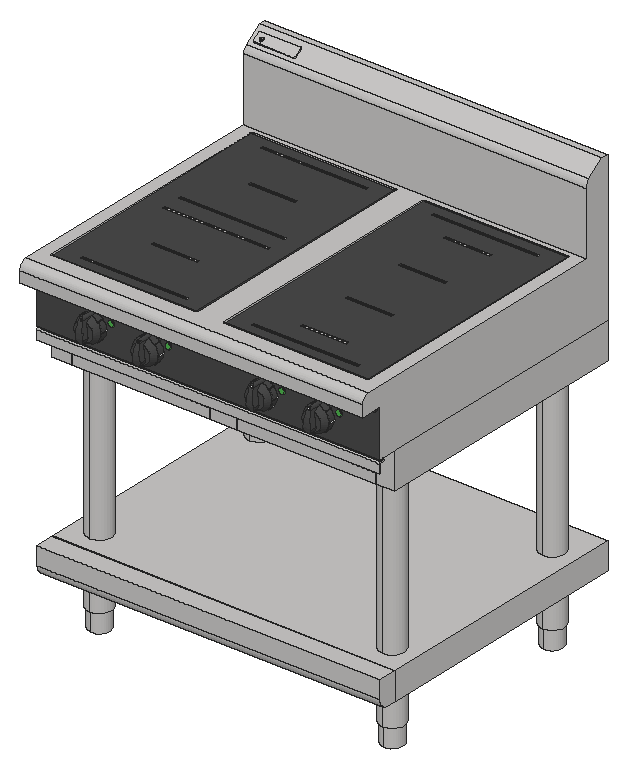
Revit family "QF_Moffat_INB8400R3F-LS_Induction_Cooktop_cat", category Specialty Equipment, Revit 2019
Family settings
  Round Connector Dimension = Use Diameter
  Part Type = Normal
  Work Plane-Based = No
  Always vertical = Yes
  Cut with Voids When Loaded = No
  Shared = No
  Room Calculation Point = No
Parameters (values of type "INB8400R3F-LS_415/60/3")
  Weight in Kilograms = 105
  Watts = 17000 W
  Volts = 415 V
  URL Cutsheet = ""
  Specification by User = ""
  Specification by Manufacturer = ""
  Show Logo [instance] = yes
  Serial Number = ""
  Seismic Rating = ""
  SMACNA No = ""
  Revision Code = ""
  Phase = 3
  Number of Poles = 1
  NAFEM Spec ID Number = ""
  Model = "INB8400R3F-LS"
  Min Ckt Ampacity = 0 A
  Max Overcurrent Protection = 0 A
  Masterspec = ""
  Manufacturer = "Moffat"
  Length = 900 mm
  Item Number = ""
  Installed By = ""
  Identify Quantity as Lot = yes
  Height = 1130 mm
  HP = ""
  Furnished By = ""
  Foodservice Equipment Identifier = yes
  FL Amps = 24 A
  Electrical Remarks = ""
  Electric Connection Type = ""
  Elec Conn RI Height = 0 mm
  Elec Conn Connection Height = 0 mm
  Description = "Induction Cooktop"
  Depth = 805 mm
  Cycle = 60 Hz
  Conn Plug = ""
  Conn Conduit = yes
  CSI MasterFormat = ""
  Apparent Power = if(Phase = 3, Volts * FL Amps * 1.73, Volts * FL Amps)  # 17230.8 VA
Reference planes
  plane 1 "BACK": y = 0
  plane 2: z = 0
  plane 3 "LEFT": x = 0
  plane 4 "RIGHT": x = 900
  plane 5 "FRONT": y = -805
  plane 6 "TOP": z = 1130
  plane 7 "Center Y": x = 450
  plane 8 "Center X": y = -402.5
  plane 9: x = 65.5
  plane 10: x = 834.5
  plane 11: y = -30
  plane 12: z = 150
  plane 13: y = -100
  plane 14: y = -625
  plane 15: y = -70
  plane 16: z = 915
  plane 17: x = 770
Forms (mm)
  Extrusion 1, solid, material "QF_Metal_Stainless_Polished"
    sketch origin (0, 0, 560) x (0, 1, 0) y (0, 0, 1)
      loop
        line (0, 180) -> (0, 570) -> (-18.182, 570) -> (-60.863, 538.99)
        arc (-60.863, 538.99) -> (-67.584, 531.121) -> (-70, 521.058) r 22.165
        line (-70, 521.058) -> (-70, 355) -> (-784.417, 355)
        arc (-784.417, 355) -> (-798.971, 348.971) -> (-805, 334.417) r 20.583
        line (-805, 334.417) -> (-805, 305) -> (-749, 305) -> (-749, 180) -> (0, 180)
    from 0 to 900
  Extrusion 2, void
    sketch origin (0, -784.171, 915) x (0, 1, 0) y (-1, 0, 0)
      loop
        arc (699.341, -37.323) -> (697.584, -33.08) -> (693.341, -31.323) r 6
        line (693.341, -31.323) -> (45.245, -31.323)
        arc (45.245, -31.323) -> (41.002, -33.08) -> (39.245, -37.323) r 6
        line (39.245, -37.323) -> (39.245, -410.105)
        arc (39.245, -410.105) -> (41.002, -414.347) -> (45.245, -416.105) r 6
        line (45.245, -416.105) -> (693.341, -416.105)
        arc (693.341, -416.105) -> (697.584, -414.347) -> (699.341, -410.105) r 6
        line (699.341, -410.105) -> (699.341, -37.323)
      loop
        line (699.341, -862.677) -> (699.341, -489.895)
        arc (699.341, -489.895) -> (697.584, -485.653) -> (693.341, -483.895) r 6
        line (693.341, -483.895) -> (45.245, -483.895)
        arc (45.245, -483.895) -> (41.002, -485.653) -> (39.245, -489.895) r 6
        line (39.245, -489.895) -> (39.245, -862.677)
        arc (39.245, -862.677) -> (41.002, -866.92) -> (45.245, -868.677) r 6
        line (45.245, -868.677) -> (693.341, -868.677)
        arc (693.341, -868.677) -> (697.584, -866.92) -> (699.341, -862.677) r 6
    from 0 to -9.5
  Extrusion 3, solid, material "QF_Plastic_Black_Smooth"
    sketch origin (0, -784.171, 915) x (0, 1, 0) y (-1, 0, 0)
      loop
        line (695.341, -410.105) -> (695.341, -37.323)
        arc (695.341, -37.323) -> (694.755, -35.908) -> (693.341, -35.323) r 2
        line (693.341, -35.323) -> (45.245, -35.323)
        arc (45.245, -35.323) -> (43.831, -35.908) -> (43.245, -37.323) r 2
        line (43.245, -37.323) -> (43.245, -410.105)
        arc (43.245, -410.105) -> (43.831, -411.519) -> (45.245, -412.105) r 2
        line (45.245, -412.105) -> (693.341, -412.105)
        arc (693.341, -412.105) -> (694.755, -411.519) -> (695.341, -410.105) r 2
      loop
        line (667.194, -86.598) -> (661.194, -86.598) -> (661.194, -363.75) -> (667.194, -363.75) -> (667.194, -86.598)
      loop
        line (526.611, -163.924) -> (526.611, -283.924) -> (532.611, -283.924) -> (532.611, -163.924) -> (526.611, -163.924)
      loop
        line (398.444, -86.598) -> (392.444, -86.598) -> (392.444, -363.75) -> (398.444, -363.75) -> (398.444, -86.598)
      loop
        line (345.944, -86.598) -> (339.944, -86.598) -> (339.944, -363.75) -> (345.944, -363.75) -> (345.944, -86.598)
      loop
        line (206.611, -163.924) -> (206.611, -283.924) -> (212.611, -283.924) -> (212.611, -163.924) -> (206.611, -163.924)
      loop
        line (77.194, -86.598) -> (71.194, -86.598) -> (71.194, -363.75) -> (77.194, -363.75) -> (77.194, -86.598)
      loop
        arc (695.341, -489.895) -> (694.755, -488.481) -> (693.341, -487.895) r 2
        line (693.341, -487.895) -> (45.245, -487.895)
        arc (45.245, -487.895) -> (43.831, -488.481) -> (43.245, -489.895) r 2
        line (43.245, -489.895) -> (43.245, -862.677)
        arc (43.245, -862.677) -> (43.831, -864.092) -> (45.245, -864.677) r 2
        line (45.245, -864.677) -> (693.341, -864.677)
        arc (693.341, -864.677) -> (694.755, -864.092) -> (695.341, -862.677) r 2
        line (695.341, -862.677) -> (695.341, -489.895)
      loop
        line (667.194, -813.402) -> (667.194, -536.25) -> (661.194, -536.25) -> (661.194, -813.402) -> (667.194, -813.402)
      loop
        line (601.611, -736.076) -> (607.611, -736.076) -> (607.611, -616.076) -> (601.611, -616.076) -> (601.611, -736.076)
      loop
        line (279.111, -736.076) -> (285.111, -736.076) -> (285.111, -616.076) -> (279.111, -616.076) -> (279.111, -736.076)
      loop
        line (77.194, -813.402) -> (77.194, -536.25) -> (71.194, -536.25) -> (71.194, -813.402) -> (77.194, -813.402)
      loop
        line (454.501, -736.076) -> (460.501, -736.076) -> (460.501, -616.076) -> (454.501, -616.076) -> (454.501, -736.076)
      loop
        line (131.211, -736.076) -> (137.211, -736.076) -> (137.211, -616.076) -> (131.211, -616.076) -> (131.211, -736.076)
    from 0 to -9.5
  Extrusion 4, solid, material "QF_Metal_Stainless_Polished"
    sketch origin (0, 0, 600) x (0, 1, 0) y (0, 0, 1)
      loop
        line (-739.467, 140) -> (-738.192, 134.838)
        arc (-738.192, 134.838) -> (-738.307, 134.302) -> (-738.799, 134.063) r 0.625
        line (-738.799, 134.063) -> (-746.111, 134.063)
        arc (-746.111, 134.063) -> (-748.011, 133.276) -> (-748.797, 131.377) r 2.686
        line (-748.797, 131.377) -> (-748.797, 107.627) -> (-747.197, 107.627) -> (-747.197, 131.242)
        arc (-747.197, 131.242) -> (-746.84, 132.105) -> (-745.976, 132.463) r 1.221
        line (-745.976, 132.463) -> (-738.755, 132.463)
        arc (-738.755, 132.463) -> (-737.028, 133.304) -> (-736.625, 135.182) r 2.194
        line (-736.625, 135.182) -> (-737.815, 140) -> (-739.467, 140)
    from 0 to 900
  Extrusion 5, solid, material "QF_Plastic_Black_Smooth"
    sketch origin (0, -749, 741.875) x (0, 0, 1) y (-1, 0, 0)
      loop
        circle (112.843, -13.157) r 5
      loop
        circle (112.843, -886.843) r 5
    from 0 to 1.6
  Extrusion 6, solid, material "QF_Metal_Stainless_Polished"
    sketch origin (450, -699, 645) x (0, 1, 0) y (1, 0, 0)
      loop
        circle (669, 320) r 6.35
    from 0 to 10
  Extrusion 7, solid, material "QF_Metal_Stainless_Polished"
    sketch origin (0, -699, 645) x (1, 0, 0) y (0, -1, 0)
      loop
        line (0, -699) -> (900, -699) -> (900, 0) -> (849.2, 0) -> (849.2, -25.4) -> (485.8, -25.4) -> (485.8, 0) -> (414.2, 0) -> (414.2, -25.4) -> (50.8, -25.4) -> (50.8, 0) -> (0, 0) -> (0, -699)
    from 0 to -95
  Extrusion 8, solid, material "QF_Metal_Stainless_Polished"
    sketch origin (50.8, -30, 645) x (0, 1, 0) y (0, 0, 1)
      loop
        line (-669, 0) -> (-643.6, 0) -> (-643.6, 26.45) -> (-669, 26.45) -> (-669, 0)
      loop
        line (-669, 32.45) -> (-643.6, 32.45) -> (-643.6, 66.4) -> (-669, 66.4) -> (-669, 32.45)
      loop
        line (-669, 67.4) -> (-643.6, 67.4) -> (-643.6, 95) -> (-669, 95) -> (-669, 67.4)
    from 0 to 363.4
  Extrusion 9, solid, material "QF_Metal_Stainless_Polished"
    sketch origin (900, 0, 560) x (-1, 0, 0) y (0, -1, 0)
      loop
        line (536.25, 122.976) -> (536.25, 116.976) -> (813.402, 116.976) -> (813.402, 122.976) -> (536.25, 122.976)
      loop
        line (736.076, 251.56) -> (736.076, 257.56) -> (616.076, 257.56) -> (616.076, 251.56) -> (736.076, 251.56)
      loop
        line (813.402, 385.726) -> (813.402, 391.726) -> (536.25, 391.726) -> (536.25, 385.726) -> (813.402, 385.726)
      loop
        line (813.402, 438.226) -> (813.402, 444.226) -> (536.25, 444.226) -> (536.25, 438.226) -> (813.402, 438.226)
      loop
        line (736.076, 571.56) -> (736.076, 577.56) -> (616.076, 577.56) -> (616.076, 571.56) -> (736.076, 571.56)
      loop
        line (536.25, 712.976) -> (536.25, 706.976) -> (813.402, 706.976) -> (813.402, 712.976) -> (536.25, 712.976)
      loop
        line (86.598, 712.976) -> (86.598, 706.976) -> (363.75, 706.976) -> (363.75, 712.976) -> (86.598, 712.976)
      loop
        line (163.924, 652.959) -> (163.924, 646.959) -> (283.924, 646.959) -> (283.924, 652.959) -> (163.924, 652.959)
      loop
        line (163.924, 505.06) -> (163.924, 499.06) -> (283.924, 499.06) -> (283.924, 505.06) -> (163.924, 505.06)
      loop
        line (163.924, 329.669) -> (163.924, 323.669) -> (283.924, 323.669) -> (283.924, 329.669) -> (163.924, 329.669)
      loop
        line (163.924, 182.56) -> (163.924, 176.56) -> (283.924, 176.56) -> (283.924, 182.56) -> (163.924, 182.56)
      loop
        line (86.598, 122.976) -> (86.598, 116.976) -> (363.75, 116.976) -> (363.75, 122.976) -> (86.598, 122.976)
    from 355 to 345.5
  Extrusion 10, solid, material "QF_Paint_Green"
    sketch origin (63.231, -748.999, 713.75) x (0, 0, 1) y (-1, 0, 0)
      loop
        circle (100.3, -282.5) r 7.15
    from 0 to 1.6
  Extrusion 11, solid, material "QF_Plastic_Black_Smooth"
    sketch origin (75, -748.999, 725.625) x (0, 0, 1) y (-1, 0, 0)
      loop
        circle (112.843, -225) r 5
    from 0 to 1.6
  Extrusion 12, solid, material "QF_Paint_Green"
    sketch origin (-86.769, -748.999, 713.75) x (0, 0, 1) y (-1, 0, 0)
      loop
        circle (100.3, -282.5) r 7.15
    from 0 to 1.6
  Extrusion 13, solid, material "QF_Plastic_Black_Smooth"
    sketch origin (-75, -748.999, 725.625) x (0, 0, 1) y (-1, 0, 0)
      loop
        circle (112.843, -225) r 5
    from 0 to 1.6
  Extrusion 14, solid, material "QF_Paint_Green"
    sketch origin (511.981, -748.999, 713.75) x (0, 0, 1) y (-1, 0, 0)
      loop
        circle (100.3, -282.5) r 7.15
    from 0 to 1.6
  Extrusion 15, solid, material "QF_Plastic_Black_Smooth"
    sketch origin (523.75, -748.999, 725.625) x (0, 0, 1) y (-1, 0, 0)
      loop
        circle (112.843, -225) r 5
    from 0 to 1.6
  Extrusion 16, solid, material "QF_Paint_Green"
    sketch origin (361.981, -748.999, 713.75) x (0, 0, 1) y (-1, 0, 0)
      loop
        circle (100.3, -282.5) r 7.15
    from 0 to 1.6
  Extrusion 17, solid, material "QF_Plastic_Black_Smooth"
    sketch origin (373.75, -748.999, 725.625) x (0, 0, 1) y (-1, 0, 0)
      loop
        circle (112.843, -225) r 5
    from 0 to 1.6
  Extrusion 18, solid, material "QF_Metal_Stainless_Polished"
    sketch origin (849.2, -30, 645) x (0, 1, 0) y (0, 0, -1)
      loop
        line (-669, 0) -> (-669, -26.45) -> (-643.6, -26.45) -> (-643.6, 0) -> (-669, 0)
      loop
        line (-669, -32.45) -> (-669, -66.4) -> (-643.6, -66.4) -> (-643.6, -32.45) -> (-669, -32.45)
      loop
        line (-669, -67.4) -> (-669, -95) -> (-643.6, -95) -> (-643.6, -67.4) -> (-669, -67.4)
    from 0 to 363.4
Cuts and joins
  Extrusion 2 cuts Extrusion 1
Lines and regions (mm)
  symbolic lines
    curve 1: line (0, 0, 0) -> (900, 0, 0)
    curve 2: line (0, -805, 0) -> (0, 0, 0)
    curve 3: line (900, -805, 0) -> (0, -805, 0)
    curve 4: line (900, 0, 0) -> (900, -805, 0)
    curve 5: line (0, -18.182, 0) -> (900, -18.182, 0)
    curve 6: line (0, -70, 0) -> (450, -70, 0)
    curve 7: line (37.323, -84.83, 0) -> (410.105, -84.83, 0)
    curve 8: arc (410.105, -84.83, 0) -> (414.347, -86.587, 0) -> (416.105, -90.83, 0) r 6
    curve 9: line (416.105, -90.83, 0) -> (416.105, -738.926, 0)
    curve 10: arc (416.105, -738.926, 0) -> (414.347, -743.168, 0) -> (410.105, -744.926, 0) r 6
    curve 11: line (410.105, -744.926, 0) -> (37.323, -744.926, 0)
    curve 12: arc (37.323, -744.926, 0) -> (33.08, -743.168, 0) -> (31.323, -738.926, 0) r 6
    curve 13: line (31.323, -738.926, 0) -> (31.323, -90.83, 0)
    curve 14: arc (31.323, -90.83, 0) -> (33.08, -86.587, 0) -> (37.323, -84.83, 0) r 6
    curve 15: line (410.105, -88.83, 0) -> (37.323, -88.83, 0)
    curve 16: arc (37.323, -88.83, 0) -> (35.908, -89.415, 0) -> (35.323, -90.83, 0) r 2
    curve 17: line (35.323, -90.83, 0) -> (35.323, -738.926, 0)
    curve 18: arc (35.323, -738.926, 0) -> (35.908, -740.34, 0) -> (37.323, -740.926, 0) r 2
    curve 19: line (37.323, -740.926, 0) -> (410.105, -740.926, 0)
    curve 20: arc (410.105, -740.926, 0) -> (411.519, -740.34, 0) -> (412.105, -738.926, 0) r 2
    curve 21: line (412.105, -738.926, 0) -> (412.105, -90.83, 0)
    curve 22: arc (412.105, -90.83, 0) -> (411.519, -89.415, 0) -> (410.105, -88.83, 0) r 2
    curve 23: line (416.105, -738.926, 0) -> (416.105, -90.83, 0)
    curve 24: line (412.105, -90.83, 0) -> (412.105, -738.926, 0)
    curve 25: line (862.677, -84.83, 0) -> (489.895, -84.83, 0)
    curve 26: arc (489.895, -84.83, 0) -> (485.653, -86.587, 0) -> (483.895, -90.83, 0) r 6
    curve 27: arc (483.895, -738.926, 0) -> (485.653, -743.168, 0) -> (489.895, -744.926, 0) r 6
    curve 28: line (489.895, -744.926, 0) -> (862.677, -744.926, 0)
    curve 29: arc (862.677, -744.926, 0) -> (866.92, -743.168, 0) -> (868.677, -738.926, 0) r 6
    curve 30: line (868.677, -738.926, 0) -> (868.677, -90.83, 0)
    curve 31: arc (868.677, -90.83, 0) -> (866.92, -86.587, 0) -> (862.677, -84.83, 0) r 6
    curve 32: line (489.895, -88.83, 0) -> (862.677, -88.83, 0)
    curve 33: arc (862.677, -88.83, 0) -> (864.092, -89.415, 0) -> (864.677, -90.83, 0) r 2
    curve 34: line (864.677, -90.83, 0) -> (864.677, -738.926, 0)
    curve 35: arc (864.677, -738.926, 0) -> (864.092, -740.34, 0) -> (862.677, -740.926, 0) r 2
    curve 36: line (862.677, -740.926, 0) -> (489.895, -740.926, 0)
    curve 37: arc (489.895, -740.926, 0) -> (488.481, -740.34, 0) -> (487.895, -738.926, 0) r 2
    curve 38: arc (487.895, -90.83, 0) -> (488.481, -89.415, 0) -> (489.895, -88.83, 0) r 2
    curve 39: line (487.895, -90.83, 0) -> (487.895, -738.926, 0)
    curve 40: arc (487.895, -738.926, 0) -> (488.481, -740.34, 0) -> (489.895, -740.926, 0) r 2
    curve 41: line (489.895, -740.926, 0) -> (862.677, -740.926, 0)
    curve 42: arc (862.677, -740.926, 0) -> (864.092, -740.34, 0) -> (864.677, -738.926, 0) r 2
    curve 43: line (864.677, -738.926, 0) -> (864.677, -90.83, 0)
    curve 44: arc (864.677, -90.83, 0) -> (864.092, -89.415, 0) -> (862.677, -88.83, 0) r 2
    curve 45: line (862.677, -88.83, 0) -> (489.895, -88.83, 0)
    curve 46: arc (489.895, -88.83, 0) -> (488.481, -89.415, 0) -> (487.895, -90.83, 0) r 2
    curve 47: line (483.895, -90.83, 0) -> (483.895, -738.926, 0)
    curve 48: arc (483.895, -738.926, 0) -> (485.653, -743.168, 0) -> (489.895, -744.926, 0) r 6
    curve 49: line (489.895, -744.926, 0) -> (862.677, -744.926, 0)
    curve 50: arc (862.677, -744.926, 0) -> (866.92, -743.168, 0) -> (868.677, -738.926, 0) r 6
    curve 51: line (868.677, -738.926, 0) -> (868.677, -90.83, 0)
    curve 52: arc (868.677, -90.83, 0) -> (866.92, -86.587, 0) -> (862.677, -84.83, 0) r 6
    curve 53: line (862.677, -84.83, 0) -> (489.895, -84.83, 0)
    curve 54: arc (489.895, -84.83, 0) -> (485.653, -86.587, 0) -> (483.895, -90.83, 0) r 6
    curve 55: line (86.598, -122.976, 0) -> (363.75, -122.976, 0)
    curve 56: line (363.75, -122.976, 0) -> (363.75, -116.976, 0)
    curve 57: line (363.75, -116.976, 0) -> (86.598, -116.976, 0)
    curve 58: line (86.598, -116.976, 0) -> (86.598, -122.976, 0)
    curve 59: line (283.924, -251.56, 0) -> (163.924, -251.56, 0)
    curve 60: line (163.924, -251.56, 0) -> (163.924, -257.56, 0)
    curve 61: line (163.924, -257.56, 0) -> (283.924, -257.56, 0)
    curve 62: line (283.924, -257.56, 0) -> (283.924, -251.56, 0)
    curve 63: line (536.25, -122.976, 0) -> (813.402, -122.976, 0)
    curve 64: line (813.402, -122.976, 0) -> (813.402, -116.976, 0)
    curve 65: line (813.402, -116.976, 0) -> (536.25, -116.976, 0)
    curve 66: line (536.25, -116.976, 0) -> (536.25, -122.976, 0)
    curve 67: line (736.076, -176.56, 0) -> (616.076, -176.56, 0)
    curve 68: line (616.076, -176.56, 0) -> (616.076, -182.56, 0)
    curve 69: line (616.076, -182.56, 0) -> (736.076, -182.56, 0)
    curve 70: line (736.076, -182.56, 0) -> (736.076, -176.56, 0)
    curve 71: line (736.076, -323.669, 0) -> (616.076, -323.669, 0)
    curve 72: line (616.076, -323.669, 0) -> (616.076, -329.669, 0)
    curve 73: line (616.076, -329.669, 0) -> (736.076, -329.669, 0)
    curve 74: line (736.076, -329.669, 0) -> (736.076, -323.669, 0)
    curve 75: line (736.076, -499.06, 0) -> (616.076, -499.06, 0)
    curve 76: line (616.076, -499.06, 0) -> (616.076, -505.06, 0)
    curve 77: line (616.076, -505.06, 0) -> (736.076, -505.06, 0)
    curve 78: line (736.076, -505.06, 0) -> (736.076, -499.06, 0)
    curve 79: line (736.076, -646.959, 0) -> (616.076, -646.959, 0)
    curve 80: line (616.076, -646.959, 0) -> (616.076, -652.959, 0)
    curve 81: line (616.076, -652.959, 0) -> (736.076, -652.959, 0)
    curve 82: line (736.076, -652.959, 0) -> (736.076, -646.959, 0)
    curve 83: line (813.402, -706.976, 0) -> (536.25, -706.976, 0)
    curve 84: line (536.25, -706.976, 0) -> (536.25, -712.976, 0)
    curve 85: line (536.25, -712.976, 0) -> (813.402, -712.976, 0)
    curve 86: line (813.402, -712.976, 0) -> (813.402, -706.976, 0)
    curve 87: line (86.598, -712.976, 0) -> (363.75, -712.976, 0)
    curve 88: line (363.75, -712.976, 0) -> (363.75, -706.976, 0)
    curve 89: line (363.75, -706.976, 0) -> (86.598, -706.976, 0)
    curve 90: line (86.598, -706.976, 0) -> (86.598, -712.976, 0)
    curve 91: line (283.924, -577.56, 0) -> (163.924, -577.56, 0)
    curve 92: line (163.924, -577.56, 0) -> (163.924, -571.56, 0)
    curve 93: line (163.924, -571.56, 0) -> (283.924, -571.56, 0)
    curve 94: line (283.924, -571.56, 0) -> (283.924, -577.56, 0)
    curve 95: line (86.598, -444.226, 0) -> (363.75, -444.226, 0)
    curve 96: line (363.75, -444.226, 0) -> (363.75, -438.226, 0)
    curve 97: line (363.75, -438.226, 0) -> (86.598, -438.226, 0)
    curve 98: line (86.598, -438.226, 0) -> (86.598, -444.226, 0)
    curve 99: line (86.598, -391.726, 0) -> (363.75, -391.726, 0)
    curve 100: line (363.75, -391.726, 0) -> (363.75, -385.726, 0)
    curve 101: line (363.75, -385.726, 0) -> (86.598, -385.726, 0)
    curve 102: line (86.598, -385.726, 0) -> (86.598, -391.726, 0)
    curve 103: line (0, 0, 560) -> (900, 0, 560)
    curve 104: line (0, -805, 560) -> (0, 0, 560)
    curve 105: line (900, -805, 560) -> (0, -805, 560)
    curve 106: line (900, 0, 560) -> (900, -805, 560)
    curve 107: line (0, -18.182, 560) -> (900, -18.182, 560)
    curve 108: line (0, -70, 560) -> (900, -70, 560)
    curve 109: line (416.105, -90.83, 560) -> (416.105, -738.926, 560)
    curve 110: line (412.105, -738.926, 560) -> (412.105, -90.83, 560)
    curve 111: line (416.105, -738.926, 560) -> (416.105, -90.83, 560)
    curve 112: line (412.105, -90.83, 560) -> (412.105, -738.926, 560)
    curve 113: line (862.677, -84.83, 560) -> (489.895, -84.83, 560)
    curve 114: arc (483.895, -738.926, 560) -> (485.653, -743.168, 560) -> (489.895, -744.926, 560) r 6
    curve 115: line (489.895, -744.926, 560) -> (862.677, -744.926, 560)
    curve 116: arc (862.677, -744.926, 560) -> (866.92, -743.168, 560) -> (868.677, -738.926, 560) r 6
    curve 117: arc (864.677, -738.926, 560) -> (864.092, -740.34, 560) -> (862.677, -740.926, 560) r 2
    curve 118: line (862.677, -740.926, 560) -> (489.895, -740.926, 560)
    curve 119: arc (489.895, -740.926, 560) -> (488.481, -740.34, 560) -> (487.895, -738.926, 560) r 2
    curve 120: arc (487.895, -738.926, 560) -> (488.481, -740.34, 560) -> (489.895, -740.926, 560) r 2
    curve 121: line (489.895, -740.926, 560) -> (862.677, -740.926, 560)
    curve 122: arc (862.677, -740.926, 560) -> (864.092, -740.34, 560) -> (864.677, -738.926, 560) r 2
    curve 123: arc (483.895, -738.926, 560) -> (485.653, -743.168, 560) -> (489.895, -744.926, 560) r 6
    curve 124: line (489.895, -744.926, 560) -> (862.677, -744.926, 560)
    curve 125: arc (862.677, -744.926, 560) -> (866.92, -743.168, 560) -> (868.677, -738.926, 560) r 6
    curve 126: line (86.598, -122.976, 560) -> (363.75, -122.976, 560)
    curve 127: line (363.75, -122.976, 560) -> (363.75, -116.976, 560)
    curve 128: line (363.75, -116.976, 560) -> (86.598, -116.976, 560)
    curve 129: line (86.598, -116.976, 560) -> (86.598, -122.976, 560)
    curve 130: line (283.924, -251.56, 560) -> (163.924, -251.56, 560)
    curve 131: line (163.924, -251.56, 560) -> (163.924, -257.56, 560)
    curve 132: line (163.924, -257.56, 560) -> (283.924, -257.56, 560)
    curve 133: line (283.924, -257.56, 560) -> (283.924, -251.56, 560)
    curve 134: line (536.25, -122.976, 560) -> (813.402, -122.976, 560)
    curve 135: line (813.402, -122.976, 560) -> (813.402, -116.976, 560)
    curve 136: line (813.402, -116.976, 560) -> (536.25, -116.976, 560)
    curve 137: line (536.25, -116.976, 560) -> (536.25, -122.976, 560)
    curve 138: line (736.076, -176.56, 560) -> (616.076, -176.56, 560)
    curve 139: line (616.076, -176.56, 560) -> (616.076, -182.56, 560)
    curve 140: line (616.076, -182.56, 560) -> (736.076, -182.56, 560)
    curve 141: line (736.076, -182.56, 560) -> (736.076, -176.56, 560)
    curve 142: line (736.076, -323.669, 560) -> (616.076, -323.669, 560)
    curve 143: line (616.076, -323.669, 560) -> (616.076, -329.669, 560)
    curve 144: line (616.076, -329.669, 560) -> (736.076, -329.669, 560)
    curve 145: line (736.076, -329.669, 560) -> (736.076, -323.669, 560)
    curve 146: line (736.076, -499.06, 560) -> (616.076, -499.06, 560)
    curve 147: line (616.076, -499.06, 560) -> (616.076, -505.06, 560)
    curve 148: line (616.076, -505.06, 560) -> (736.076, -505.06, 560)
    curve 149: line (736.076, -505.06, 560) -> (736.076, -499.06, 560)
    curve 150: line (736.076, -646.959, 560) -> (616.076, -646.959, 560)
    curve 151: line (616.076, -646.959, 560) -> (616.076, -652.959, 560)
    curve 152: line (616.076, -652.959, 560) -> (736.076, -652.959, 560)
    curve 153: line (736.076, -652.959, 560) -> (736.076, -646.959, 560)
    curve 154: line (813.402, -706.976, 560) -> (536.25, -706.976, 560)
    curve 155: line (536.25, -706.976, 560) -> (536.25, -712.976, 560)
    curve 156: line (536.25, -712.976, 560) -> (813.402, -712.976, 560)
    curve 157: line (813.402, -712.976, 560) -> (813.402, -706.976, 560)
    curve 158: line (86.598, -712.976, 560) -> (363.75, -712.976, 560)
    curve 159: line (363.75, -712.976, 560) -> (363.75, -706.976, 560)
    curve 160: line (363.75, -706.976, 560) -> (86.598, -706.976, 560)
    curve 161: line (86.598, -706.976, 560) -> (86.598, -712.976, 560)
    curve 162: line (283.924, -577.56, 560) -> (163.924, -577.56, 560)
    curve 163: line (163.924, -577.56, 560) -> (163.924, -571.56, 560)
    curve 164: line (163.924, -571.56, 560) -> (283.924, -571.56, 560)
    curve 165: line (283.924, -571.56, 560) -> (283.924, -577.56, 560)
    curve 166: line (86.598, -444.226, 560) -> (363.75, -444.226, 560)
    curve 167: line (363.75, -444.226, 560) -> (363.75, -438.226, 560)
    curve 168: line (363.75, -438.226, 560) -> (86.598, -438.226, 560)
    curve 169: line (86.598, -438.226, 560) -> (86.598, -444.226, 560)
    curve 170: line (86.598, -391.726, 560) -> (363.75, -391.726, 560)
    curve 171: line (363.75, -391.726, 560) -> (363.75, -385.726, 560)
    curve 172: line (363.75, -385.726, 560) -> (86.598, -385.726, 560)
    curve 173: line (86.598, -385.726, 560) -> (86.598, -391.726, 560)
Dimensions and locks
  equal spacing: plane 3 "LEFT", plane 7 "Center Y", plane 4 "RIGHT"
  "Length": plane 3 "LEFT" to plane 4 "RIGHT"
  equal spacing: plane 5 "FRONT", plane 8 "Center X", plane 1 "BACK"
  "Depth": plane 5 "FRONT" to plane 1 "BACK"
  "Height": plane 6 "TOP" to level
  plane 9 to plane 10 = 769 mm
  plane 4 "RIGHT" to plane 3 "LEFT" = 900 mm
  plane 6 "TOP" to plane 2 = 1130 mm
  plane 1 "BACK" to plane 11 = 30 mm
  plane 1 "BACK" to plane 13 to plane 14 = 100 mm, 525 mm
  plane 1 "BACK" to plane 15 = 70 mm
  plane 16 to level = 915 mm  (x2)
  level to plane 12 = 150 mm
  plane 12 to level = 150 mm
  plane 4 "RIGHT" to plane 17 = 130 mm
  plane 1 "BACK" to plane 5 "FRONT" = 805 mm
  locked: plane 10 to plane 4 "RIGHT" at 65.5
  aligned and locked: level to plane 2
  aligned and locked: plane 7 "Center Y" to nested 1
  aligned and locked: plane 8 "Center X" to nested 1
  aligned and locked: Extrusion 18 to Extrusion 7  (x2)
Automatic sketch dimensions
  curve 8 to curve 22 = 0 mm  (x2)
  curve 10 to curve 20 = 0 mm  (x2)
  curve 12 to curve 18 = 0 mm  (x2)
  curve 14 to curve 16 = 0 mm  (x2)
  curve 26 to curve 38 = 0 mm  (x2)
  curve 26 to curve 46 = 0 mm  (x2)
  curve 26 to curve 54 = 0 mm  (x2)
  curve 27 to curve 37 = 0 mm  (x2)
  curve 27 to curve 40 = 0 mm  (x2)
  curve 27 to curve 48 = 0 mm  (x2)
  curve 29 to curve 35 = 0 mm  (x2)
  curve 29 to curve 42 = 0 mm  (x2)
  curve 29 to curve 50 = 0 mm  (x2)
  curve 31 to curve 33 = 0 mm  (x2)
  curve 31 to curve 44 = 0 mm  (x2)
  curve 31 to curve 52 = 0 mm  (x2)
  curve 33 to curve 44 = 0 mm  (x2)
  curve 33 to curve 52 = 0 mm  (x2)
  curve 35 to curve 42 = 0 mm  (x2)
  curve 35 to curve 50 = 0 mm  (x2)
  curve 37 to curve 40 = 0 mm  (x2)
  curve 37 to curve 48 = 0 mm  (x2)
  curve 38 to curve 46 = 0 mm  (x2)
  curve 38 to curve 54 = 0 mm  (x2)
  curve 40 to curve 48 = 0 mm  (x2)
  curve 42 to curve 50 = 0 mm  (x2)
  curve 44 to curve 52 = 0 mm  (x2)
  curve 46 to curve 54 = 0 mm  (x2)
  plane 1 "BACK" to curve 1 = 0 mm
  curve 1 to plane 3 "LEFT" = 0 mm
  curve 6 to plane 7 "Center Y" = 0 mm
  curve 5 to plane 4 "RIGHT" = 0 mm
  plane 5 "FRONT" to curve 3 = 0 mm
  plane 15 to curve 6 = 0 mm
  plane 3 "LEFT" to curve 13 = 31.323 mm
  curve 13 to curve 17 = 4 mm
  curve 17 to curve 16 = 2 mm
  curve 17 to curve 18 = 2 mm
  curve 102 to plane 9 = 21.098 mm
  curve 57 to plane 9 = 21.098 mm
  curve 87 to plane 9 = 21.098 mm
  curve 95 to plane 9 = 21.098 mm
  curve 91 to plane 14 = 47.44 mm
  curve 91 to plane 9 = 98.424 mm
  curve 60 to plane 9 = 98.424 mm
  curve 60 to curve 61 = 120 mm
  curve 93 to plane 14 = 53.44 mm
  curve 92 to curve 93 = 120 mm
  curve 96 to plane 8 "Center X" = 41.726 mm
  curve 96 to plane 7 "Center Y" = 86.25 mm
  plane 8 "Center X" to curve 99 = 10.774 mm
  curve 99 to curve 96 = 0 mm
  plane 13 to curve 56 = 16.976 mm
  curve 56 to plane 7 "Center Y" = 86.25 mm
  curve 89 to plane 7 "Center Y" = 86.25 mm
  curve 8 to plane 13 = 9.17 mm
  curve 8 to plane 7 "Center Y" = 39.895 mm
  curve 10 to plane 7 "Center Y" = 39.895 mm
  curve 8 to curve 21 = 2 mm
  plane 7 "Center Y" to curve 47 = 33.895 mm
  curve 27 to curve 39 = 4 mm
  curve 38 to curve 46 = 2 mm
  curve 37 to curve 36 = 2 mm
  plane 13 to curve 66 = 22.976 mm
  curve 26 to curve 66 = 46.355 mm
  curve 27 to curve 85 = 46.355 mm
  curve 63 to curve 67 = 79.826 mm
  curve 77 to plane 17 = 153.924 mm
  plane 14 to curve 80 = 21.959 mm
  curve 83 to curve 80 = 79.826 mm
  plane 8 "Center X" to curve 73 = 72.831 mm
  curve 73 to curve 68 = 0 mm
  curve 77 to plane 17 = 33.924 mm
  curve 67 to plane 17 = 33.924 mm
  curve 71 to plane 17 = 33.924 mm
  curve 79 to plane 17 = 33.924 mm
  plane 10 to curve 63 = 21.098 mm
  plane 10 to curve 85 = 21.098 mm
  curve 42 to plane 10 = 28.177 mm
  curve 32 to plane 13 = 11.17 mm
  curve 32 to plane 10 = 28.177 mm
  curve 31 to curve 34 = 2 mm
  curve 49 to plane 5 "FRONT" = 60.074 mm
  curve 11 to plane 5 "FRONT" = 60.074 mm
  curve 27 to curve 84 = 25.949 mm
  curve 10 to curve 87 = 25.949 mm
  curve 85 to curve 83 = 6 mm
  curve 87 to curve 90 = 6 mm
  curve 81 to curve 79 = 6 mm
  curve 78 to plane 8 "Center X" = 102.56 mm
  curve 77 to curve 75 = 6 mm
  curve 95 to curve 98 = 6 mm
  curve 99 to curve 100 = 6 mm
  curve 73 to curve 74 = 6 mm
  plane 8 "Center X" to curve 62 = 144.94 mm
  curve 61 to curve 62 = 6 mm
  plane 13 to curve 70 = 82.56 mm
  curve 68 to curve 68 = 6 mm
  curve 58 to curve 57 = 6 mm
  curve 63 to curve 65 = 6 mm
  curve 5 to plane 11 = 11.818 mm
  Extrusion 1 sketch curve to plane 5 "FRONT" = 0 mm
  Extrusion 1 sketch curve to plane 16 = 0 mm
  Extrusion 1 sketch curve to plane 15 = 0 mm
  Extrusion 1 sketch curve to plane 6 "TOP" = 0 mm
  Extrusion 1 sketch curve to plane 1 "BACK" = 0 mm
  Extrusion 1 sketch curve to plane 5 "FRONT" = 20.583 mm
  Extrusion 1 sketch curve to plane 5 "FRONT" = 56 mm
  Extrusion 1 sketch curve to plane 15 = 9.137 mm
  plane 11 to Extrusion 1 sketch curve = 17.835 mm
  Extrusion 1 sketch curve to plane 11 = 11.818 mm
  Extrusion 1 sketch curve to Extrusion 1 sketch curve = 29.417 mm
  Extrusion 1 sketch curve to plane 16 = 175 mm
  Extrusion 1 sketch curve to plane 6 "TOP" = 48.942 mm
  Extrusion 2 sketch curve to Extrusion 1 = 39.492 mm  (x2)
  Extrusion 2 sketch curve to Extrusion 2 sketch curve = 6 mm  (x6)
  Extrusion 1 to Extrusion 2 sketch curve = 20.83 mm  (x4)
  Extrusion 1 to Extrusion 2 sketch curve = 31.323 mm
  Extrusion 2 sketch curve to Extrusion 2 sketch curve = 372.782 mm
  Extrusion 2 sketch curve to Extrusion 2 sketch curve = 67.791 mm
  Extrusion 1 to Extrusion 2 sketch curve = 37.323 mm
  Extrusion 3 sketch curve to Extrusion 1 = 43.492 mm  (x2)
  Extrusion 3 sketch curve to Extrusion 3 sketch curve = 2 mm  (x6)
  Extrusion 3 sketch curve to Extrusion 3 sketch curve = 25.949 mm  (x2)
  Extrusion 3 sketch curve to Extrusion 3 sketch curve = 6 mm  (x12)
  Extrusion 3 sketch curve to Extrusion 3 sketch curve = 54.017 mm
  Extrusion 3 sketch curve to Extrusion 3 sketch curve = 129.416 mm
  Extrusion 3 sketch curve to Extrusion 3 sketch curve = 141.899 mm
  Extrusion 3 sketch curve to Extrusion 3 sketch curve = 127.334 mm
  Extrusion 3 sketch curve to Extrusion 3 sketch curve = 46.5 mm
  Extrusion 3 sketch curve to Extrusion 3 sketch curve = 169.391 mm
  Extrusion 3 sketch curve to Extrusion 3 sketch curve = 128.166 mm
  Extrusion 1 to Extrusion 3 sketch curve = 112.56 mm
  Extrusion 1 to Extrusion 3 sketch curve = 52.976 mm  (x2)
  Extrusion 1 to Extrusion 3 sketch curve = 20.83 mm  (x4)
  Extrusion 1 to Extrusion 3 sketch curve = 35.323 mm
  Extrusion 3 sketch curve to Extrusion 3 sketch curve = 49.275 mm  (x2)
  Extrusion 3 sketch curve to Extrusion 3 sketch curve = 77.326 mm  (x2)
  Extrusion 1 to Extrusion 3 sketch curve = 163.924 mm
  Extrusion 3 sketch curve to Extrusion 3 sketch curve = 0 mm  (x3)
  Extrusion 3 sketch curve to Extrusion 3 sketch curve = 120 mm  (x6)
  Extrusion 3 sketch curve to Extrusion 3 sketch curve = 79.826 mm  (x4)
  Extrusion 3 sketch curve to Extrusion 3 sketch curve = 46.355 mm  (x3)
  Extrusion 3 sketch curve to Extrusion 3 sketch curve = 75.791 mm
  Extrusion 3 sketch curve to Extrusion 3 sketch curve = 252.326 mm
  Extrusion 1 to Extrusion 3 sketch curve = 86.598 mm  (x3)
  Extrusion 1 to Extrusion 3 sketch curve = 37.323 mm
  Extrusion 4 sketch curve to plane 5 "FRONT" = 56.203 mm
  Extrusion 4 sketch curve to Extrusion 4 sketch curve = 1.6 mm
  Extrusion 4 sketch curve to Extrusion 4 sketch curve = 1.086 mm
  Extrusion 4 sketch curve to Extrusion 4 sketch curve = 0.135 mm  (x2)
  Extrusion 4 sketch curve to Extrusion 4 sketch curve = 6.644 mm
  Extrusion 4 sketch curve to Extrusion 4 sketch curve = 0.668 mm
  Extrusion 4 sketch curve to Extrusion 4 sketch curve = 0.044 mm
  Extrusion 4 sketch curve to Extrusion 4 sketch curve = 0.563 mm
  Extrusion 4 sketch curve to Extrusion 4 sketch curve = 1.652 mm
  Extrusion 4 sketch curve to Extrusion 4 sketch curve = 1.567 mm
  Extrusion 4 sketch curve to plane 16 = 207.373 mm
  Extrusion 4 sketch curve to Extrusion 4 sketch curve = 23.614 mm
  Extrusion 4 sketch curve to Extrusion 4 sketch curve = 0.594 mm
  Extrusion 4 sketch curve to Extrusion 4 sketch curve = 0.032 mm
  Extrusion 4 sketch curve to Extrusion 4 sketch curve = 5.162 mm
  Extrusion 1 to Extrusion 5 sketch curve = 10.282 mm  (x2)
  Extrusion 1 to Extrusion 5 sketch curve = 13.157 mm  (x2)
  Extrusion 7 to Extrusion 6 sketch curve = 30 mm
  Extrusion 6 sketch curve to Extrusion 7 = 79.2 mm
  Extrusion 7 sketch curve to plane 3 "LEFT" = 0 mm
  Extrusion 7 sketch curve to plane 4 "RIGHT" = 0 mm
  plane 1 "BACK" to Extrusion 7 sketch curve = 0 mm
  plane 9 to Extrusion 7 sketch curve = 14.7 mm
  Extrusion 7 sketch curve to plane 7 "Center Y" = 35.8 mm
  plane 7 "Center Y" to Extrusion 7 sketch curve = 35.8 mm
  Extrusion 7 sketch curve to plane 10 = 14.7 mm
  plane 14 to Extrusion 7 sketch curve = 48.6 mm  (x2)
  Extrusion 7 sketch curve to Extrusion 7 sketch curve = 25.4 mm  (x3)
  Extrusion 8 sketch curve to Extrusion 7 = 0 mm  (x8)
  Extrusion 7 to Extrusion 8 sketch curve = 26.45 mm
  Extrusion 8 sketch curve to Extrusion 8 sketch curve = 6 mm
  Extrusion 7 to Extrusion 8 sketch curve = 28.6 mm
  Extrusion 8 sketch curve to Extrusion 8 sketch curve = 1 mm
  Extrusion 9 sketch curve to plane 10 = 21.098 mm  (x2)
  plane 17 to Extrusion 9 sketch curve = 33.924 mm  (x4)
  Extrusion 9 sketch curve to Extrusion 9 sketch curve = 120 mm  (x4)
  Extrusion 9 sketch curve to plane 14 = 21.959 mm
  Extrusion 9 sketch curve to plane 7 "Center Y" = 86.25 mm  (x2)
  Extrusion 9 sketch curve to plane 13 = 16.976 mm
  Extrusion 9 sketch curve to plane 13 = 22.976 mm
  plane 7 "Center Y" to Extrusion 9 sketch curve = 86.25 mm  (x3)
  Extrusion 9 sketch curve to plane 8 "Center X" = 10.774 mm
  Extrusion 9 sketch curve to Extrusion 9 sketch curve = 0 mm
  Extrusion 9 sketch curve to Extrusion 9 sketch curve = 79.826 mm  (x2)
  plane 14 to Extrusion 9 sketch curve = 53.44 mm
  plane 9 to Extrusion 9 sketch curve = 98.424 mm  (x2)
  plane 9 to Extrusion 9 sketch curve = 21.098 mm  (x4)
  Extrusion 9 sketch curve to Extrusion 9 sketch curve = 6 mm  (x12)
  Extrusion 9 sketch curve to plane 14 = 81.976 mm  (x2)
  plane 8 "Center X" to Extrusion 9 sketch curve = 102.56 mm
  plane 8 "Center X" to Extrusion 9 sketch curve = 41.726 mm
  Extrusion 9 sketch curve to plane 8 "Center X" = 72.831 mm
  Extrusion 9 sketch curve to plane 8 "Center X" = 144.94 mm
  Extrusion 9 sketch curve to plane 13 = 82.56 mm
  Extrusion 10 sketch curve to plane 16 = 100.95 mm
  Extrusion 10 sketch curve to plane 7 "Center Y" = 104.269 mm
  Extrusion 11 sketch curve to plane 16 = 76.532 mm
  Extrusion 11 sketch curve to plane 7 "Center Y" = 150 mm
  Extrusion 12 sketch curve to plane 16 = 100.95 mm
  Extrusion 12 sketch curve to plane 9 = 130.231 mm
  Extrusion 13 sketch curve to plane 16 = 76.532 mm
  Extrusion 13 sketch curve to plane 9 = 84.5 mm
  plane 17 to Extrusion 14 sketch curve = 24.481 mm
  Extrusion 14 sketch curve to plane 16 = 100.95 mm
  Extrusion 15 sketch curve to plane 17 = 21.25 mm
  Extrusion 15 sketch curve to plane 16 = 76.532 mm
  Extrusion 16 sketch curve to plane 16 = 100.95 mm
  Extrusion 16 sketch curve to plane 17 = 125.519 mm
  Extrusion 17 sketch curve to plane 16 = 76.532 mm
  plane 7 "Center Y" to Extrusion 17 sketch curve = 148.75 mm
  plane 14 to Extrusion 18 sketch curve = 74 mm
  Extrusion 18 sketch curve to Extrusion 18 sketch curve = 0 mm  (x4)
  Extrusion 18 sketch curve to Extrusion 18 sketch curve = 25.4 mm
  Extrusion 18 sketch curve to plane 16 = 175 mm
  Extrusion 18 sketch curve to Extrusion 18 sketch curve = 27.6 mm
  Extrusion 18 sketch curve to Extrusion 18 sketch curve = 1 mm
  Extrusion 18 sketch curve to Extrusion 18 sketch curve = 33.95 mm
  Extrusion 18 sketch curve to Extrusion 18 sketch curve = 6 mm
  Extrusion 18 sketch curve to Extrusion 18 sketch curve = 26.45 mm
  curve 114 to curve 119 = 0 mm
  curve 114 to curve 120 = 0 mm
  curve 116 to curve 117 = 0 mm  (x2)
  plane 1 "BACK" to curve 103 = 0 mm
  curve 103 to plane 3 "LEFT" = 0 mm
  curve 108 to plane 4 "RIGHT" = 0 mm
  plane 5 "FRONT" to curve 105 = 0 mm
  plane 15 to curve 108 = 0 mm
  curve 169 to plane 9 = 21.098 mm
  curve 173 to plane 9 = 21.098 mm
  curve 161 to plane 9 = 21.098 mm
  curve 129 to plane 9 = 21.098 mm
  curve 163 to plane 14 = 47.44 mm
  curve 163 to plane 9 = 98.424 mm
  curve 131 to plane 9 = 98.424 mm
  curve 130 to curve 130 = 120 mm
  curve 164 to plane 14 = 53.44 mm
  curve 163 to curve 164 = 120 mm
  plane 8 "Center X" to curve 171 = 10.774 mm
  curve 171 to plane 7 "Center Y" = 86.25 mm
  plane 13 to curve 127 = 22.976 mm
  curve 127 to plane 7 "Center Y" = 86.25 mm
  curve 160 to plane 7 "Center Y" = 86.25 mm
  curve 166 to curve 170 = 0 mm
  curve 112 to plane 7 "Center Y" = 37.895 mm
  curve 110 to curve 109 = 4 mm
  plane 7 "Center Y" to curve 121 = 39.895 mm
  plane 13 to curve 134 = 22.976 mm
  plane 7 "Center Y" to curve 134 = 86.25 mm
  curve 114 to curve 156 = 46.355 mm
  curve 142 to plane 17 = 153.924 mm
  curve 134 to curve 138 = 79.826 mm
  curve 146 to plane 17 = 153.924 mm
  plane 14 to curve 152 = 27.959 mm
  curve 154 to curve 152 = 79.826 mm
  curve 150 to plane 17 = 33.924 mm
  curve 149 to plane 17 = 33.924 mm
  curve 142 to plane 17 = 33.924 mm
  curve 141 to plane 17 = 33.924 mm
  plane 10 to curve 157 = 21.098 mm
  plane 10 to curve 136 = 21.098 mm
  curve 115 to plane 10 = 28.177 mm
  curve 115 to plane 5 "FRONT" = 60.074 mm
  curve 115 to curve 118 = 4 mm
  curve 118 to curve 122 = 2 mm
  curve 118 to curve 123 = 2 mm
  curve 111 to plane 5 "FRONT" = 66.074 mm
  curve 110 to curve 109 = 0 mm
  plane 14 to curve 161 = 87.976 mm
  curve 116 to curve 157 = 25.949 mm
  curve 156 to curve 154 = 6 mm
  curve 158 to curve 161 = 6 mm
  curve 152 to curve 153 = 6 mm
  curve 148 to plane 8 "Center X" = 102.56 mm
  curve 148 to curve 146 = 6 mm
  curve 169 to plane 8 "Center X" = 41.726 mm
  curve 166 to curve 169 = 6 mm
  curve 170 to curve 172 = 6 mm
  plane 8 "Center X" to curve 143 = 72.831 mm
  curve 143 to curve 143 = 6 mm
  plane 8 "Center X" to curve 131 = 144.94 mm
  curve 132 to curve 130 = 6 mm
  plane 13 to curve 139 = 82.56 mm
  curve 139 to curve 138 = 6 mm
  curve 126 to curve 128 = 6 mm
  curve 134 to curve 135 = 6 mm
  curve 110 to plane 13 = 9.17 mm
  curve 110 to curve 111 = 0 mm
  plane 15 to curve 113 = 14.83 mm
  plane 7 "Center Y" to curve 113 = 39.895 mm
  curve 113 to plane 10 = 28.177 mm
  curve 107 to plane 11 = 11.818 mm
  radius of Extrusion 5 sketch curve = 5 mm  (x2)
  radius of Extrusion 6 sketch curve = 6.35 mm
  radius of Extrusion 10 sketch curve = 7.15 mm
  radius of Extrusion 11 sketch curve = 5 mm
  radius of Extrusion 12 sketch curve = 7.15 mm
  radius of Extrusion 13 sketch curve = 5 mm
  radius of Extrusion 14 sketch curve = 7.15 mm
  radius of Extrusion 15 sketch curve = 5 mm
  radius of Extrusion 16 sketch curve = 7.15 mm
  radius of Extrusion 17 sketch curve = 5 mm
Nested families
  nested 1: "IN8400-LS_Leg Stand" at (0, 0, 0), type "IN511F-LS"
  nested 2: "QF_LOGO_Waldorf" at (12, -52.35, 1105.175), visible <- "Show Logo", type "QF_LOGO_Waldorf"
  nested 3: "Knob" at (267.5, -739.499, 760.75), type "Knob"
  nested 4: "Knob" at (117.5, -739.499, 760.75), type "Knob"
  nested 5: "Knob" at (716.25, -739.499, 760.75), type "Knob"
  nested 6: "Knob" at (566.25, -739.499, 760.75), type "Knob"
Connectors
  electrical at (770, -30, 635), driven by "Volts", driven by "Watts"
    settings: on Extrusion 6, index 5, voltage 415 V, apparent load 17000 VA, apparent load phase1 0 VA, apparent load phase2 0 VA, apparent load phase3 0 VA, power factor 1, load classification "Other", number of poles 1, system type 30, power factor state 1, is connector primary yes, connector utility no, sub classification motor no, connector description "ELEECTRICAL CONNECTION"
Definition of nested family "IN8400-LS_Leg Stand"
  Parameters (values of type "IN511F-LS")
    Model = ""
    Manufacturer = ""
    Description = ""
  Reference planes
    plane 1 "BACK": y = 0
    plane 2: z = 0
    plane 3 "LEFT": x = 0
    plane 4 "RIGHT": x = 900
    plane 5 "FRONT": y = -805
    plane 6 "TOP": z = 1130
    plane 7 "Center Y": x = 450
    plane 8 "Center X": y = -402.5
    plane 9: x = 65.5
    plane 10: x = 834.5
    plane 11: z = 635
    plane 12: y = -100
    plane 13: y = -625
    plane 14: z = 150
    plane 15: z = 645
  Forms (mm)
    Revolve 1, solid
      sketch origin (65.5, -4572, 255.2) x (0, 0, -1) y (0, -1, 0)
        loop
          line (255.2, -3974.5) -> (255.2, -3947) -> (-389.8, -3947) -> (-389.8, -3978.75) -> (205.2, -3978.75) -> (205.2, -3974.5) -> (255.2, -3974.5)
        axis (-389.8, -3947) -> (255.2, -3947)
      angle from 0 to 360
    Revolve 2, solid
      sketch origin (834.5, -4572, 255.2) x (0, 0, -1) y (0, 1, 0)
        loop
          line (255.2, 3974.5) -> (205.2, 3974.5) -> (205.2, 3978.75) -> (-389.8, 3978.75) -> (-389.8, 3947) -> (255.2, 3947) -> (255.2, 3974.5)
        axis (-389.8, 3947) -> (255.2, 3947)
      angle from 0 to 360
    Extrusion 3, solid
      sketch origin (0, 0, 0) x (0, 1, 0) y (0, 0, 1)
        loop
          line (-747.95, 222.5) -> (-747.95, 175)
          arc (-747.95, 175) -> (-740.628, 157.322) -> (-722.95, 150) r 25
          line (-722.95, 150) -> (-697.95, 150) -> (-697.95, 222.5) -> (-747.95, 222.5)
      from 0 to 900
    Extrusion 4, solid
      sketch origin (0, 0, 0) x (0, 1, 0) y (0, 0, 1)
        loop
          line (-697.95, 222.5) -> (-697.95, 150) -> (0, 150) -> (0, 222.5) -> (-697.95, 222.5)
      from 0 to 900
    Revolve 5, solid
      sketch origin (65.5, -4047, 255.2) x (0, 0, -1) y (0, -1, 0)
        loop
          line (255.2, -3974.5) -> (255.2, -3947) -> (-389.8, -3947) -> (-389.8, -3978.75) -> (205.2, -3978.75) -> (205.2, -3974.5) -> (255.2, -3974.5)
        axis (-389.8, -3947) -> (255.2, -3947)
      angle from 0 to 360
    Revolve 6, solid
      sketch origin (834.5, -4047, 255.2) x (0, 0, -1) y (0, 1, 0)
        loop
          line (255.2, 3974.5) -> (205.2, 3974.5) -> (205.2, 3978.75) -> (-389.8, 3978.75) -> (-389.8, 3947) -> (255.2, 3947) -> (255.2, 3974.5)
        axis (-389.8, 3947) -> (255.2, 3947)
      angle from 0 to 360
  Cuts and joins
    joined: Revolve 1, Revolve 2, Extrusion 4, Revolve 5, Revolve 6
  Dimensions and locks
    equal spacing: plane 3 "LEFT", plane 7 "Center Y", plane 4 "RIGHT"
    plane 3 "LEFT" to plane 4 "RIGHT" = 900 mm
    equal spacing: plane 5 "FRONT", plane 8 "Center X", plane 1 "BACK"
    plane 5 "FRONT" to plane 1 "BACK" = 805 mm
    plane 6 "TOP" to level = 1130 mm
    plane 9 to plane 10 = 769 mm
    plane 4 "RIGHT" to plane 3 "LEFT" = 900 mm
    plane 1 "BACK" to plane 5 "FRONT" = 805 mm
    plane 6 "TOP" to plane 2 = 1130 mm
    plane 1 "BACK" to plane 12 to plane 13 = 100 mm, 525 mm
    plane 2 to plane 11 = 635 mm
    plane 14 to plane 2 = 150 mm
    plane 10 to plane 4 "RIGHT" = 65.5 mm
    equal spacing: plane 4 "RIGHT", plane 7 "Center Y", plane 3 "LEFT"
    locked: plane 10 to plane 4 "RIGHT" at 65.5
    aligned and locked: level to plane 2
    aligned and locked: cut or joined group of Revolve 1, Revolve 2, Extrusion 4, Revolve 5, Revolve 6 to plane 15  (x2)
    aligned and locked: plane 15 to cut or joined group of Revolve 1, Revolve 2, Extrusion 4, Revolve 5, Revolve 6  (x2)
    aligned and locked: Extrusion 3 to plane 4 "RIGHT"
    aligned and locked: cut or joined group of Revolve 1, Revolve 2, Extrusion 4, Revolve 5, Revolve 6 to plane 4 "RIGHT"
    aligned and locked: plane 10 to cut or joined group of Revolve 1, Revolve 2, Extrusion 4, Revolve 5, Revolve 6  (x2)
  Automatic sketch dimensions
    Revolve 1 sketch curve to plane 13 = 0 mm  (x2)
    Revolve 1 sketch curve to level = 0 mm  (x2)
    level to Revolve 1 sketch curve = 50 mm
    Revolve 1 sketch curve to plane 11 = 10 mm
    Revolve 1 sketch curve to Revolve 1 sketch curve = 27.5 mm
    Revolve 1 sketch curve to Revolve 1 sketch curve = 31.75 mm
    Revolve 1 sketch curve to Revolve 1 sketch curve = 25 mm
    Revolve 2 sketch curve to plane 13 = 0 mm  (x2)
    Revolve 2 sketch curve to level = 0 mm  (x2)
    level to Revolve 2 sketch curve = 50 mm
    Revolve 2 sketch curve to plane 11 = 10 mm
    Revolve 2 sketch curve to plane 13 = 27.5 mm
    Revolve 2 sketch curve to Revolve 2 sketch curve = 4.25 mm
    Revolve 2 sketch curve to Revolve 2 sketch curve = 25 mm
    Extrusion 3 sketch curve to plane 14 = 0 mm
    Extrusion 3 sketch curve to plane 5 "FRONT" = 57.05 mm
    Extrusion 3 sketch curve to Extrusion 3 sketch curve = 25 mm  (x2)
    Extrusion 3 sketch curve to Extrusion 3 sketch curve = 47.5 mm
    Extrusion 4 sketch curve to plane 14 = 0 mm
    Extrusion 4 sketch curve to plane 1 "BACK" = 0 mm
    plane 13 to Extrusion 4 sketch curve = 72.95 mm
    Extrusion 4 sketch curve to Extrusion 4 sketch curve = 72.5 mm
    Revolve 5 sketch curve to plane 12 = 0 mm  (x2)
    Revolve 5 sketch curve to level = 0 mm  (x2)
    level to Revolve 5 sketch curve = 50 mm
    Revolve 5 sketch curve to plane 11 = 10 mm
    Revolve 5 sketch curve to Revolve 5 sketch curve = 27.5 mm
    Revolve 5 sketch curve to Revolve 5 sketch curve = 31.75 mm
    Revolve 5 sketch curve to Revolve 5 sketch curve = 25 mm
    Revolve 6 sketch curve to plane 12 = 0 mm  (x2)
    Revolve 6 sketch curve to level = 0 mm  (x2)
    level to Revolve 6 sketch curve = 50 mm
    Revolve 6 sketch curve to plane 11 = 10 mm
    Revolve 6 sketch curve to plane 12 = 27.5 mm
    Revolve 6 sketch curve to Revolve 6 sketch curve = 4.25 mm
    Revolve 6 sketch curve to Revolve 6 sketch curve = 25 mm
Definition of nested family "QF_LOGO_Waldorf"
  Parameters (values of type "QF_LOGO_Waldorf")
    Weight in Pounds = 0
    URL Cutsheet = ""
    Specification by User = ""
    Specification by Manufacturer = ""
    Serial Number = ""
    Seismic Rating = ""
    SMACNA No = ""
    Revision Code = ""
    NAFEM Spec ID Number = ""
    Masterspec = ""
    Length = 138 mm
    Item Number = ""
    Installed By = ""
    Identify Quantity as Lot = yes
    Height = 26.711 mm
    Furnished By = ""
    Foodservice Equipment Identifier = yes
    Depth = 3.175 mm
    CSI MasterFormat = ""
  Reference planes
    plane 1 "BACK": y = 0
    plane 2: z = 0
    plane 3 "LEFT": x = 0
    plane 4 "RIGHT": x = 138
    plane 5 "FRONT": y = -3.175
    plane 6 "TOP": z = 26.711
    plane 7 "Center Y": x = 69
    plane 8 "Center X": y = -1.587
  Forms (mm)
    Extrusion 1, solid
      sketch origin (0, 0, 0) x (1, 0, 0) y (0, 0.809017, 0.587785)
        loop
          line (109, 3.464) -> (109, 23.247)
          spline (109, 23.247) -> (108.966, 23.699) -> (108.864, 24.143) -> (108.696, 24.572) -> (108.464, 24.979) -> (108.173, 25.355) -> (107.828, 25.696) -> (107.435, 25.995) -> (107, 26.247) -> (106.531, 26.447) -> (106.035, 26.593) -> (105.522, 26.681) -> (105, 26.711)
          line (105, 26.711) -> (4, 26.711)
          spline (4, 26.711) -> (3.478, 26.681) -> (2.965, 26.593) -> (2.469, 26.447) -> (2, 26.247) -> (1.565, 25.995) -> (1.172, 25.696) -> (0.827, 25.355) -> (0.536, 24.979) -> (0.304, 24.572) -> (0.136, 24.143) -> (0.034, 23.699) -> (0, 23.247)
          line (0, 23.247) -> (0, 3.464)
          spline (0, 3.464) -> (0.034, 3.012) -> (0.136, 2.568) -> (0.304, 2.138) -> (0.536, 1.732) -> (0.827, 1.355) -> (1.172, 1.015) -> (1.565, 0.716) -> (2, 0.464) -> (2.469, 0.264) -> (2.965, 0.118) -> (3.478, 0.03) -> (4, 0)
          line (4, 0) -> (105, 0)
          spline (105, 0) -> (105.522, 0.03) -> (106.035, 0.118) -> (106.531, 0.264) -> (107, 0.464) -> (107.435, 0.716) -> (107.828, 1.015) -> (108.173, 1.355) -> (108.464, 1.732) -> (108.696, 2.138) -> (108.864, 2.568) -> (108.966, 3.012) -> (109, 3.464)
        loop
          line (14.75, 7.005) -> (14.75, 15.654)
          arc (14.75, 15.654) -> (10.425, 11.329) -> (14.75, 7.005) r 4.325
        loop
          line (15.25, 15.654) -> (15.25, 7.005)
          arc (15.25, 7.005) -> (19.575, 11.329) -> (15.25, 15.654) r 4.325
      from 0 to 3.2
    Extrusion 2, solid
      sketch origin (0, 0, 0) x (1, 0, 0) y (0, 0.809017, 0.587785)
        loop
          line (15.25, 15.654) -> (15.25, 7.005)
          arc (15.25, 7.005) -> (19.575, 11.329) -> (15.25, 15.654) r 4.325
      from 0 to 3.2
    Extrusion 3, solid
      sketch origin (16.271, 0, 0) x (-1, 0, 0) y (0, -0.809017, -0.587785)
        loop
          arc (1.521, -15.654) -> (5.846, -11.329) -> (1.521, -7.005) r 4.325
          line (1.521, -7.005) -> (1.521, -15.654)
      from 0 to 3.2
  Lines and regions (mm)
    Split face 1
      outline origin (0, -1.881, 2.589) x (1, 0, 0) y (0, 0.809017, 0.587785)
        loop
          spline (22.129, 16.975) -> (22.389, 15.984) -> (22.649, 15.002) -> (22.91, 14.028) -> (23.172, 13.065) -> (23.433, 12.11) -> (23.695, 11.166) -> (23.956, 10.232) -> (24.218, 9.308) -> (24.479, 8.396) -> (24.74, 7.495) -> (25, 6.605) -> (25.26, 5.728)
          line (25.26, 5.728) -> (29.463, 5.728)
          spline (29.463, 5.728) -> (29.582, 6.252) -> (29.701, 6.78) -> (29.82, 7.313) -> (29.939, 7.85) -> (30.058, 8.391) -> (30.178, 8.936) -> (30.297, 9.485) -> (30.416, 10.038) -> (30.536, 10.594) -> (30.655, 11.155) -> (30.775, 11.719) -> (30.894, 12.287)
          spline (30.894, 12.287) -> (31.018, 11.719) -> (31.142, 11.155) -> (31.266, 10.594) -> (31.39, 10.038) -> (31.514, 9.485) -> (31.638, 8.936) -> (31.762, 8.391) -> (31.885, 7.85) -> (32.009, 7.313) -> (32.133, 6.78) -> (32.256, 6.252) -> (32.379, 5.728)
          line (32.379, 5.728) -> (36.51, 5.728)
          spline (36.51, 5.728) -> (36.766, 6.605) -> (37.023, 7.495) -> (37.28, 8.396) -> (37.538, 9.308) -> (37.795, 10.232) -> (38.053, 11.166) -> (38.311, 12.11) -> (38.569, 13.065) -> (38.826, 14.028) -> (39.083, 15.002) -> (39.34, 15.984) -> (39.597, 16.975)
          line (39.597, 16.975) -> (35.637, 16.975)
          spline (35.637, 16.975) -> (35.523, 16.334) -> (35.41, 15.697) -> (35.296, 15.063) -> (35.182, 14.433) -> (35.068, 13.807) -> (34.954, 13.185) -> (34.84, 12.566) -> (34.726, 11.952) -> (34.612, 11.342) -> (34.497, 10.737) -> (34.383, 10.135) -> (34.269, 9.538)
          spline (34.269, 9.538) -> (34.138, 10.135) -> (34.008, 10.737) -> (33.877, 11.342) -> (33.746, 11.952) -> (33.616, 12.566) -> (33.485, 13.185) -> (33.354, 13.807) -> (33.224, 14.433) -> (33.093, 15.063) -> (32.963, 15.697) -> (32.833, 16.334) -> (32.703, 16.975)
          line (32.703, 16.975) -> (29.247, 16.975)
          spline (29.247, 16.975) -> (29.111, 16.334) -> (28.974, 15.697) -> (28.837, 15.063) -> (28.7, 14.433) -> (28.562, 13.807) -> (28.425, 13.185) -> (28.288, 12.566) -> (28.15, 11.952) -> (28.013, 11.342) -> (27.875, 10.737) -> (27.738, 10.135) -> (27.6, 9.538)
          spline (27.6, 9.538) -> (27.483, 10.135) -> (27.366, 10.737) -> (27.249, 11.342) -> (27.132, 11.952) -> (27.015, 12.566) -> (26.897, 13.185) -> (26.78, 13.807) -> (26.663, 14.433) -> (26.546, 15.063) -> (26.43, 15.697) -> (26.313, 16.334) -> (26.196, 16.975)
          line (26.196, 16.975) -> (22.129, 16.975)
    Split face 2
      outline origin (0, -1.881, 2.589) x (1, 0, 0) y (0, 0.809017, 0.587785)
        loop
          line (51.449, 5.728) -> (51.035, 6.606) -> (51.035, 11.169)
          spline (51.035, 11.169) -> (50.686, 12.42) -> (50.176, 13.224) -> (49.51, 13.708) -> (48.693, 13.995) -> (47.747, 14.152) -> (46.698, 14.207) -> (45.579, 14.186) -> (44.419, 14.114) -> (43.279, 13.929) -> (42.249, 13.481) -> (41.424, 12.614) -> (40.897, 11.169)
          line (40.897, 11.169) -> (44.617, 11.169) -> (44.988, 11.965)
          spline (44.988, 11.965) -> (47.294, 11.682) -> (46.856, 10.932) -> (45.527, 10.609) -> (43.858, 10.439) -> (42.259, 10.123) -> (41.078, 9.417) -> (40.563, 8.246) -> (40.689, 6.989) -> (41.407, 6.052) -> (42.774, 5.536) -> (44.847, 5.497) -> (47.306, 6.602)
          line (47.306, 6.602) -> (47.624, 5.728) -> (51.449, 5.728)
    Split face 3
      outline origin (0, -1.881, 2.589) x (1, 0, 0) y (0, 0.809017, 0.587785)
        loop
          line (47.264, 9.264) -> (44.938, 8.597)
          spline (44.938, 8.597) -> (44.508, 8.228) -> (44.402, 7.9) -> (44.548, 7.626) -> (44.877, 7.42) -> (45.317, 7.295) -> (45.797, 7.265) -> (46.252, 7.342) -> (46.65, 7.525) -> (46.971, 7.813) -> (47.194, 8.201) -> (47.298, 8.685) -> (47.264, 9.264)
    Split face 4
      outline origin (0, -1.881, 2.589) x (1, 0, 0) y (0, 0.809017, 0.587785)
        loop
          line (53.33, 16.975) -> (53.33, 5.728) -> (57.173, 5.728) -> (57.173, 16.975) -> (53.33, 16.975)
    Split face 5
      outline origin (0, -1.881, 2.589) x (1, 0, 0) y (0, 0.809017, 0.587785)
        loop
          line (65.795, 16.975) -> (65.795, 12.976)
          spline (65.795, 12.976) -> (63.839, 14.082) -> (62.087, 14.096) -> (60.633, 13.343) -> (59.574, 12.148) -> (58.99, 10.806) -> (58.867, 9.452) -> (59.156, 8.159) -> (59.81, 7) -> (60.786, 6.056) -> (62.111, 5.514) -> (63.868, 5.634) -> (66.137, 6.679)
          line (66.137, 6.679) -> (66.137, 5.728) -> (69.511, 5.728) -> (69.511, 16.975) -> (65.795, 16.975)
    Split face 6
      outline origin (0, -1.881, 2.589) x (1, 0, 0) y (0, 0.809017, 0.587785)
        loop
          spline (64.273, 7.499) -> (64.754, 7.57) -> (65.202, 7.777) -> (65.587, 8.106) -> (65.882, 8.535) -> (66.067, 9.034) -> (66.131, 9.57) -> (66.067, 10.106) -> (65.882, 10.605) -> (65.587, 11.034) -> (65.202, 11.363) -> (64.754, 11.57) -> (64.273, 11.64)
          spline (64.273, 11.64) -> (63.793, 11.57) -> (63.345, 11.363) -> (62.96, 11.034) -> (62.665, 10.605) -> (62.479, 10.106) -> (62.416, 9.57) -> (62.479, 9.034) -> (62.665, 8.535) -> (62.96, 8.106) -> (63.345, 7.777) -> (63.793, 7.57) -> (64.273, 7.499)
